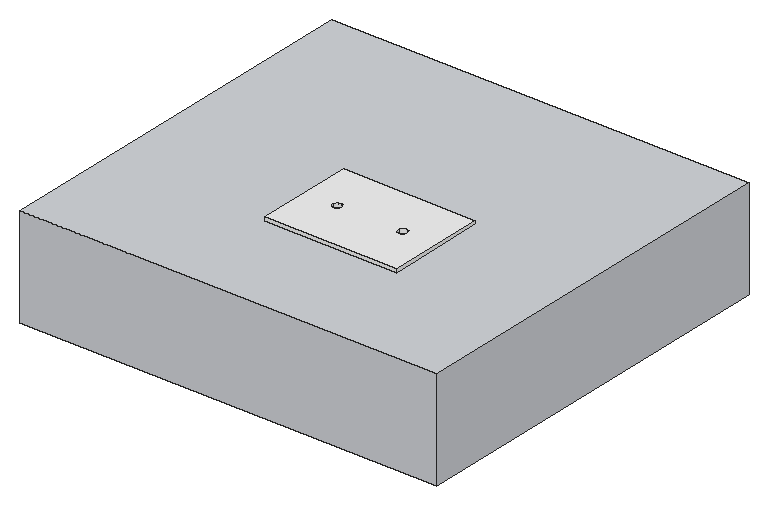
Revit family "M_Placa de base de coluna-2 furos", category Conexões estruturais, Revit 2019
Family settings
  Hospedeiro = Face
  Material para o comportamento do modelo = Outros
  Número OmniClass = 23.25.05.17.11
  Título OmniClass = Column Bases
  ID de item do Seek = Column Base Plate-2 Hole-0000-CAN-ENU
  Ativar corte em vistas = Não
  Corte com vazios quando carregada = Não
  Compartilhado = Não
Parameters (values of type "10mm")
  Largura [instance] = 300 mm
  Espessura = 10 mm
  Material da placa = Metal - Aço 345 MPa
  Comprimento [instance] = 400 mm
  Espaçamento horizontal do furo [instance] = 200 mm
  Raio do furo [instance] = Diâmetro do furo / 2  # 13.5 mm
  Diâmetro do furo [instance] = 27 mm
  Elevação-padrão = 1200 mm
Types (7, lengths in mm): name | Espessura
  (no name) | 10
  5mm | 5
  10mm | 10
  15mm | 15
  20mm | 20
  25mm | 25
  30mm | 30
Reference planes
  plane 1 "Centro (Frente/Trás)": y = 0
  plane 2: z = 0
  plane 3 "Centro (Esquerda/Direita)": x = 0
  plane 4: x = -200
  plane 5: x = 200
  plane 6: y = 150
  plane 7: y = -150
  plane 8: x = -100
  plane 9: x = 100
  plane 10: z = 10
  plane 11: x = -100
  plane 12: x = 100
Forms (mm)
  Extrusion 1, solid
    sketch origin (0, 0, 0) x (1, 0, 0) y (0, 1, 0)
      loop
        line (-685.8, 711.2) -> (-685.8, -475.324) -> (583.617, -475.324) -> (583.617, 711.2) -> (-685.8, 711.2)
    from 0 to -304.8
  Extrusion 2, solid, material "Metal - Aço 345 MPa" <- "Material da placa"
    sketch origin (0, 0, 0) x (1, 0, 0) y (0, 1, 0)
      loop
        line (-200, 150) -> (-200, -150) -> (200, -150) -> (200, 150) -> (-200, 150)
    from 0 to 10
  Extrusion 3, void
    sketch origin (0, 0, 0) x (1, 0, 0) y (0, 1, 0)
      loop
        circle (-100, 0) r 13.5
      loop
        circle (100, 0) r 13.5
    from 0 to 10
Cuts and joins
  Extrusion 3 cuts Extrusion 2
Dimensions and locks
  "Comprimento": plane 4 to plane 5
  equal spacing: plane 4, plane 3 "Centro (Esquerda/Direita)", plane 5
  equal spacing: plane 7, plane 1 "Centro (Frente/Trás)", plane 6
  "Largura": plane 7 to plane 6
  equal spacing: plane 8, plane 3 "Centro (Esquerda/Direita)", plane 9
  "Espaçamento horizontal do furo": plane 8 to plane 9
  "Espessura": plane 10 to plane 2
  "Raio do furo": radius of Extrusion 3 sketch curve  (x2)
  aligned and locked: plane 2 to Extrusion 1
  aligned and locked: level to Extrusion 1
  aligned and locked: plane 4 to Extrusion 2 sketch curve
  aligned and locked: Extrusion 2 sketch curve to plane 6
  aligned and locked: plane 7 to Extrusion 2 sketch curve
  aligned and locked: plane 5 to Extrusion 2 sketch curve
  aligned and locked: plane 10 to Extrusion 2
  aligned and locked: Extrusion 2 to level
  aligned and locked: plane 8 to Extrusion 3 sketch curve
  aligned and locked: plane 9 to Extrusion 3 sketch curve
  aligned and locked: Extrusion 2 to Extrusion 3
  aligned and locked: Extrusion 3 to level
  aligned and locked: plane 1 "Centro (Frente/Trás)" to Extrusion 3 sketch curve  (x2)
  aligned and locked: plane 8 to plane 11
  aligned and locked: plane 12 to plane 9
Automatic sketch dimensions
  Extrusion 1 sketch curve to Extrusion 1 sketch curve = 1269.417 mm
  Extrusion 1 sketch curve to Extrusion 1 sketch curve = 1186.524 mm
